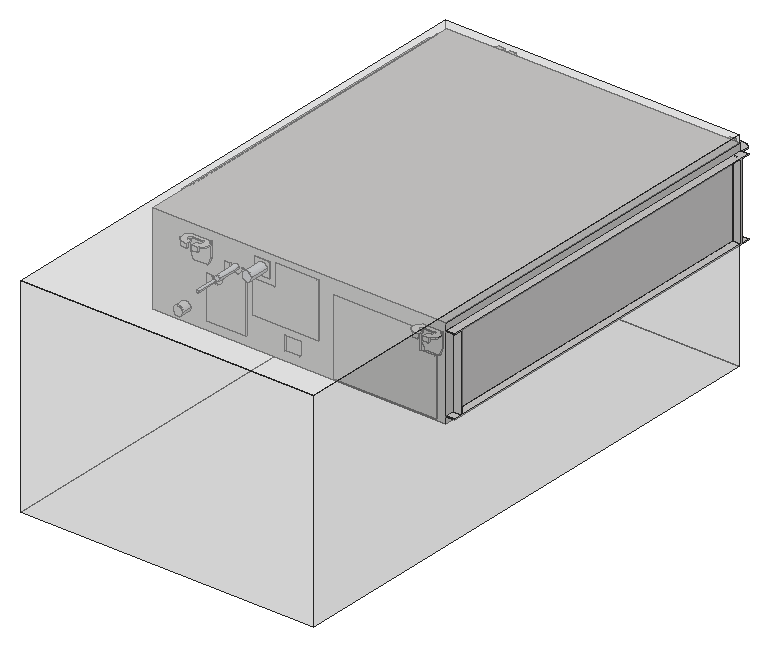
Revit family "DAIKIN_VRV_Indoor Unit_Duct_M.S.P._FXSQ-PAVS_FXSQ50PAVS", category Оборудование, Revit 2023
Family settings
  Размер круглого соединителя = Использовать радиус
  Классификация = Насос
  Тип детали = Нормальный
  Номер OmniClass = 23.75.10.24.21.27.27
  Заголовок OmniClass = Split System Air Conditioning Units
  На основе рабочей плоскости = Нет
  Всегда вертикально = Да
  При загрузке вырезать с полостями = Нет
  Сохранять ориентацию аннотаций = Нет
  Общий = Нет
  Точка принадлежности помещению = Да
Parameters (values of type "FXSQ50PAVS")
  Description = ""
  Type Image = (empty or 0)
  Изготовитель = "Daikin"
  Экспорт типа в IFC как = "IfcUnitaryEquipmentType"
  Тип Предварительно заданный тип IFC = "AIRCONDITIONINGUNIT"
  Cost = 0
  Группа модели = "FXSQ50PAVS"
  Type Comments = ""
  Keynote = ""
  Assembly Code = ""
  r_Liquid Pipe Size = Liquid Pipe Size / 2  # 3.2 mm
  r_Gas Pipe Size = Gas Pipe Size / 2  # 6.35 mm
  r_Drain Pipe Size = Drain Pipe Size / 2  # 12.5 mm
  lw_power = 770.0 mm  # constant formula
  lh_SA = 138.0 mm  # constant formula
  lw_SA = if(Depth = 550.0 mm, 225.0 mm, if(Depth = 700.0 mm, 300.0 mm, if(Depth = 1000.0 mm, 450.0 mm, if(Depth = 1400.0 mm, 650.0 mm, 725.0 mm))))  # 450.0 mm
  lw_RA = if(Depth = 550.0 mm, 275.0 mm, if(Depth = 700.0 mm, 349.0 mm, if(Depth = 1000.0 mm, 499.0 mm, if(Depth = 1400.0 mm, 699.0 mm, 775.0 mm))))  # 499.0 mm
  lh_power = 60.0 mm + [h***]  # 60.0 mm
  lh_mountinghole1 = lh_mountinghole + [h***]  # 222.0 mm
  lh_RA = 123.0 mm  # constant formula
  ld_power = Depth / 2  # 500.0 mm
  Voltage_comment_50Hz = "220-240"
  Voltage_50Hz = 220 V
  URL = ""
  Supply Air Direction [instance] = yes
  Sound Power Level_H speed (dB) = 62
  Phase_50Hz = 1
  Minimum External Static Pressure = 50.00 Pa
  Minimum Circuit Amps_50Hz = 1.3 A
  Maximum Fuse Amps_50Hz = 16.0 A
  Maximum External Static Pressure = 150.00 Pa
  Material_Casing = DAIKIN_GalvanizedSteel_Casing_indoorunit
  lw_mountinghole = 630.0 mm  # constant formula
  lh_gaspipe = 183.0 mm + [h***]  # 183.0 mm
  lh_mountinghole = 222.0 mm  # constant formula
  lh_liquidpipe = 136.0 mm + [h***]  # 136.0 mm
  lh_drainpipe = 207.0 mm + [h***]  # 207.0 mm
  lh_antena = Height - lh_mountinghole + 1.0 mm  # 24.0 mm
  ld_drainpipe = Depth / 2 + 53.0 mm  # 553.0 mm
  ld_liquidpipe = Depth / 2 + 69.0 mm  # 569.0 mm
  ld_gaspipe = Depth / 2 + 65.0 mm  # 565.0 mm
  ld_mountinghole = Depth + 38.0 mm  # 1038.0 mm
  h*** = 0.0 mm  # constant formula
  lw_liquidpipe = 179.0 mm  # constant formula
  lw_gaspipe = 229.0 mm  # constant formula
  lw_drainpipe = 300.0 mm  # constant formula
  Width = 800.0 mm
  Version = "ver.1.0"
  Unit Type = "Middle Static Pressure Duct Type"
  Unit Mass Weight = 35.00 kg
  Unit Designation [instance] = ""
  Uniclass2015Version = "Products v1.30"
  Uniclass2015Title = "Variable refrigerant flow units"
  Uniclass2015Code = "Pr_70_65_03_94"
  Total Heating Capacity [instance] = 0.000 kW
  Total Cooling Capacity [instance] = 0.000 kW
  Sound Pressure Level_M speed (dBA) = 0
  Sound Pressure Level_L speed (dBA) = 29
  Sound Pressure Level_H speed (dBA) = 34
  Series = "VRV Fan Coil Unit"
  Sensible Cooling Capacity [instance] = 0.000 kW
  SA Duct Size Width = if(Depth = 550.0 mm, 337.0 mm, if(Depth = 700.0 mm, 492.0 mm, if(Depth = 1000.0 mm, 792.0 mm, if(Depth = 1400.0 mm, 1192.0 mm, 1337.0 mm))))  # 792.0 mm
  SA Duct Size Height = 176.0 mm
  Refrigerant Type = "R410A"
  RA Duct Size Width = if(Depth = 550.0 mm, 502.0 mm, if(Depth = 700.0 mm, 654.0 mm, if(Depth = 1000.0 mm, 952.0 mm, if(Depth = 1400.0 mm, 1352.0 mm, 1502.0 mm))))  # 952.0 mm
  RA Duct Size Height = 208.0 mm
  Power Input (Heating) = 0.159 kW
  Power Input (Cooling) = 0.164 kW
  Option Accessory 3 [instance] = ""
  Option Accessory 2 [instance] = ""
  Option Accessory 1 [instance] = ""
  Nominal Heating Capacity = 6.300 kW
  Nominal Cooling Capacity = 5.600 kW
  Minimum Airflow = 690.00 m³/h
  Median Airflow = 870.00 m³/h
  Maximum Airflow = 1020.00 m³/h
  Load Classification = HVAC
  Liquid Pipe Size = 6.4 mm
  Link_Nested Family [instance] = ""
  IfcVersion = "0"
  IfcExportType = "AIRCONDITIONINGUNIT"
  IfcExportAs = "IfcUnitaryEquipmentType"
  Height = 245.0 mm
  Heating Entering Wet Bulb Temperature [instance] = 0.00 °C
  Heating Entering Dry Bulb Temperature [instance] = 0.00 °C
  Heating Ambient Wet Bulb Temperature [instance] = 0.00 °C
  Heating Ambient Dry Bulb Temperature [instance] = 0.00 °C
  Heat Exchanger Type = "Cross Fin Coil"
  Gas Pipe Size = 12.7 mm
  Frequency_50Hz = 50 Hz
  Fan Type = "Sirocco Fan"
  Fan Drive = "Direct Drive"
  FCU Tag No. [instance] = ""
  Drain Pipe Size = 25.0 mm
  Design Supply Airflow [instance] = 0.00 m³/h
  Design Return Airflow [instance] = 0.00 m³/h
  Design External Static Pressure [instance] = 0.00 Pa
  Depth = 1000.0 mm
  Отметка по умолчанию = 0.0 mm
  Cooling Entering Wet Bulb Temperature [instance] = 0.00 °C
  Cooling Entering Dry Bulb Temperature [instance] = 0.00 °C
  Cooling Ambient Wet Bulb Temperature [instance] = 0.00 °C
  Cooling Ambient Dry Bulb Temperature [instance] = 0.00 °C
  Clearance visibility [instance] = yes
  Clearance Top = 20.0 mm
  Clearance Right = 0.0 mm
  Clearance Rear = 0.0 mm
  Clearance Left = 0.0 mm
  Clearance Front = 450.0 mm
  Clearance Bottom = 300.0 mm
Reference planes
  plane 1 "Center (Front/Back)": y = 0
  plane 2 "h": z = 0
  plane 3 "Center (Left/Right)": x = 0
  plane 4 "Back": y = 500
  plane 5 "Front": y = -500
  plane 6 "Left": x = -400
  plane 7 "Reight": x = 400
  plane 8 "Top": z = 0
  plane 9 "Bottom": z = -245
  plane 10: y = -215
  plane 11: y = 500
  plane 12: y = -950
  plane 13: x = -400
  plane 14: x = 400
  plane 15: z = 20
  plane 16: z = -545
  plane 17: x = -400
  plane 18: x = -399
  plane 19: x = 399
  plane 20: y = 50
  plane 21: y = -1
  plane 22: z = -122
  plane 23: y = -501
  plane 24: z = -109
  plane 25: x = -221
  plane 26: y = -565
  plane 27: z = -62
  plane 28: x = -171
  plane 29: y = -553
  plane 30: z = -38
  plane 31: x = -100
  plane 32: x = -100
  plane 33: x = -221
  plane 34: x = -171
  plane 35: x = 370
  plane 36: x = -266
  plane 37: x = 364
  plane 38: y = -519
  plane 39: y = 519
  plane 40: z = -23
  plane 41: z = -107
  plane 42: y = -570
  plane 43: z = -207
  plane 44: x = -309
  plane 45: y = -526
  plane 46: x = -251
  plane 47: x = -203
  plane 48: x = -144
  plane 49: z = -59
  plane 50: z = -106
  plane 51: z = -221
  plane 52: z = -109
  plane 53: x = -221
  plane 54: z = -62
  plane 55: x = -171
  plane 56: z = -17
  plane 57: z = -59
  plane 58: x = -121
  plane 59: x = -79
  plane 60: x = -125
  plane 61: x = -64
  plane 62: x = 53
  plane 63: z = -164
  plane 64: z = -73
  plane 65: z = -16
  plane 66: x = 93.5
  plane 67: x = 374.5
  plane 68: x = 330
  plane 69: z = -88.5
  plane 70: z = -38
  plane 71: z = -242.5
  plane 72: x = -38.5
  plane 73: x = 6.5
  plane 74: z = -181
  plane 75: z = -221
  plane 76: y = -499
  plane 77: x = -424
  plane 78: x = 424
Forms (mm)
  Extrusion 1, solid, material "DAIKIN_GalvanizedSteel_Casing_indoorunit" <- "Material_Casing"
    sketch origin (0, 0, 0) x (1, 0, 0) y (0, 1, 0)
      loop
        line (-399, 500) -> (-399, -500) -> (399, -500) -> (399, 500) -> (-399, 500)
    from -245 to 0
  Extrusion 2, solid, material "DAIKIN_GalvanizedSteel_Casing_indoorunit" <- "Material_Casing"
    sketch origin (0, 0, 0) x (1, 0, 0) y (0, 0, 1)
      loop
        line (-251, -221) -> (-144, -221) -> (-144, -59) -> (-154.47, -59)
        arc (-154.47, -59) -> (-171, -78.8) -> (-187.53, -59) r 16.8
        line (-187.53, -59) -> (-203, -59) -> (-203, -106) -> (-206.916, -106)
        arc (-206.916, -106) -> (-221, -123.4) -> (-235.084, -106) r 14.4
        line (-235.084, -106) -> (-251, -106) -> (-251, -221)
    from 500 to 501
  Extrusion 3, solid, material "DAIKIN_GalvanizedSteel_Casing_indoorunit" <- "Material_Casing"
    sketch origin (0, 0, 0) x (1, 0, 0) y (0, 0, 1)
      loop
        line (-121, -17) -> (-121, -59) -> (-79, -59) -> (-79, -17) -> (-121, -17)
      loop
        line (-125, -73) -> (-125, -164) -> (53, -164) -> (53, -16) -> (-64, -16) -> (-64, -73) -> (-125, -73)
    from 500 to 501
  Extrusion 4, solid, material "DAIKIN_GalvanizedSteel_Casing_indoorunit" <- "Material_Casing"
    sketch origin (0, 0, 0) x (1, 0, 0) y (0, 0, 1)
      loop
        line (93.5, -38) -> (93.5, -242.5) -> (374.5, -242.5) -> (374.5, -88.5) -> (330, -88.5) -> (330, -38) -> (93.5, -38)
    from 500 to 501
  Extrusion 5, solid
    sketch origin (0, 0, 0) x (1, 0, 0) y (0, 0, 1)
      loop
        circle (-221, -109) r 3.2
    from 500 to 570
  Extrusion 6, solid
    sketch origin (0, 0, 0) x (1, 0, 0) y (0, 0, 1)
      loop
        circle (-171, -62) r 6.35
    from 500 to 565
  Extrusion 7, solid
    sketch origin (0, 0, 0) x (1, 0, 0) y (0, 0, 1)
      loop
        circle (-100, -38) r 12.5
    from 501 to 553
  Extrusion 8, solid, material "DAIKIN_GalvanizedSteel_Casing_indoorunit" <- "Material_Casing"
    sketch origin (0, 0, 0) x (1, 0, 0) y (0, 0, 1)
      loop
        circle (-309, -207) r 13
    from 500 to 526
  Extrusion 9, void
    sketch origin (0, 0, 0) x (1, 0, 0) y (0, 0, 1)
      loop
        line (-38.5, -181) -> (-38.5, -221) -> (6.5, -221) -> (6.5, -181) -> (-38.5, -181)
    from 499 to 500
Cuts and joins
  Extrusion 9 cuts Extrusion 1
Dimensions and locks
  "Height": plane 8 "Top" to plane 9 "Bottom"
  equal spacing: plane 4 "Back", plane 1 "Center (Front/Back)", plane 5 "Front"
  "Depth": plane 4 "Back" to plane 5 "Front"
  equal spacing: plane 6 "Left", plane 3 "Center (Left/Right)", plane 7 "Reight"
  "Width": plane 6 "Left" to plane 7 "Reight"
  "Clearance Left": plane 13 to plane 6 "Left"
  "Clearance Right": plane 7 "Reight" to plane 14
  "Clearance Rear": plane 11 to plane 4 "Back"
  "Clearance Front": plane 5 "Front" to plane 12
  "Clearance Top": plane 15 to plane 8 "Top"
  "Clearance Bottom": plane 9 "Bottom" to plane 16
  locked: plane 17 to plane 18 at 1
  locked: plane 19 to plane 14 at 1
  "lw_SA": plane 11 to plane 20
  "lw_RA": plane 21 to plane 5 "Front"
  "lh_RA": plane 22 to plane 9 "Bottom"
  locked: plane 5 "Front" to plane 23 at 1
  "lw_liquidpipe": plane 25 to plane 6 "Left"
  "lh_liquidpipe": plane 24 to plane 9 "Bottom"
  "lh_gaspipe": plane 27 to plane 9 "Bottom"
  "lw_gaspipe": plane 28 to plane 6 "Left"
  "ld_gaspipe": plane 26 to plane 1 "Center (Front/Back)"
  "ld_drainpipe": plane 29 to plane 1 "Center (Front/Back)"
  "lh_drainpipe": plane 30 to plane 9 "Bottom"
  "lw_drainpipe": plane 31 to plane 6 "Left"
  "lw_drainpipe": plane 6 "Left" to plane 32
  "lw_liquidpipe": plane 6 "Left" to plane 33
  "lw_gaspipe": plane 6 "Left" to plane 34
  "lw_power": plane 6 "Left" to plane 35
  locked: plane 17 to plane 36 at 134
  "lw_mountinghole": plane 36 to plane 37
  equal spacing: plane 38, plane 1 "Center (Front/Back)", plane 39
  "ld_mountinghole": plane 39 to plane 38
  "lh_mountinghole": plane 40 to plane 9 "Bottom"
  "lh_SA": plane 41 to plane 9 "Bottom"
  "ld_liquidpipe": plane 21 to plane 42
  locked: plane 44 to plane 6 "Left" at 91
  locked: plane 43 to plane 9 "Bottom" at 38
  locked: plane 5 "Front" to plane 45 at 26
  plane 48 to plane 47 to plane 46 to plane 6 "Left" = 59.0 mm, 48.0 mm, 149.0 mm
  plane 8 "Top" to plane 49 to plane 50 to plane 51 = 59.0 mm locked, 47.0 mm locked, 115.0 mm locked
  plane 55 to plane 53 to plane 6 "Left" = 50.0 mm locked, 179.0 mm locked
  plane 54 to plane 52 to plane 9 "Bottom" = 47.0 mm locked, 136.0 mm locked
  plane 59 to plane 58 to plane 6 "Left" = 42.0 mm locked, 279.0 mm locked
  plane 8 "Top" to plane 56 to plane 57 = 17.0 mm locked, 42.0 mm locked
  plane 62 to plane 61 to plane 60 to plane 6 "Left" = 117.0 mm, 61.0 mm, 275.0 mm
  plane 8 "Top" to plane 65 to plane 64 = 16.0 mm locked, 57.0 mm locked
  locked: plane 65 to plane 63 at 148
  plane 8 "Top" to plane 70 to plane 69 to plane 71 = 38.0 mm locked, 50.5 mm locked, 154.0 mm locked
  plane 67 to plane 68 to plane 66 to plane 6 "Left" = 44.5 mm locked, 236.5 mm locked, 493.5 mm locked
  plane 8 "Top" to plane 74 to plane 75 = 181.0 mm locked, 40.0 mm locked
  plane 73 to plane 72 to plane 6 "Left" = 45.0 mm, 361.5 mm
  locked: plane 76 to plane 5 "Front" at 1
  locked: plane 77 to plane 17 at 24
  locked: plane 14 to plane 78 at 24
  "r_Liquid Pipe Size": radius of Extrusion 5 sketch curve
  "r_Gas Pipe Size": radius of Extrusion 6 sketch curve
  "r_Drain Pipe Size": radius of Extrusion 7 sketch curve
  aligned and locked: level to plane 2 "h"
  aligned and locked: plane 8 "Top" to Extrusion 1
  aligned and locked: Extrusion 1 to plane 9 "Bottom"
  aligned and locked: nested 5 to plane 12
  aligned and locked: plane 13 to nested 5
  aligned and locked: plane 14 to nested 5
  aligned and locked: nested 5 to plane 13
  aligned and locked: plane 11 to nested 5
  aligned and locked: plane 15 to nested 5
  aligned and locked: plane 16 to nested 5
  aligned and locked: plane 5 "Front" to Extrusion 1 sketch curve
  aligned and locked: Extrusion 1 to plane 18
  aligned and locked: plane 19 to Extrusion 1
  aligned and locked: nested 7 to plane 18
  aligned and locked: nested 7 to plane 20
  aligned and locked: plane 19 to nested 8
  aligned and locked: plane 21 to nested 8
  aligned and locked: plane 22 to nested 8
  aligned and locked: Extrusion 2 to plane 23
  aligned and locked: plane 5 "Front" to Extrusion 2
  aligned and locked: Extrusion 3 to plane 23
  aligned and locked: plane 5 "Front" to Extrusion 3
  aligned and locked: plane 5 "Front" to Extrusion 4
  aligned and locked: Extrusion 5 sketch curve to plane 25
  aligned and locked: plane 24 to Extrusion 5 sketch curve
  aligned and locked: plane 5 "Front" to Extrusion 5
  aligned and locked: Extrusion 6 sketch curve to plane 28
  aligned and locked: plane 27 to Extrusion 6 sketch curve
  aligned and locked: plane 5 "Front" to Extrusion 6
  aligned and locked: Extrusion 7 sketch curve to plane 31
  aligned and locked: Extrusion 7 sketch curve to plane 30
  aligned and locked: Extrusion 7 to plane 29
  aligned and locked: plane 23 to Extrusion 7
  aligned and locked: nested 3 to plane 29
  aligned and locked: plane 32 to nested 3
  aligned and locked: nested 2 to plane 33
  aligned and locked: nested 1 to plane 34
  aligned and locked: Extrusion 6 to plane 26
  aligned and locked: nested 1 to plane 26
  aligned and locked: nested 6 to plane 5 "Front"
  aligned and locked: nested 6 to plane 35
  aligned and locked: plane 36 to nested 10
  aligned and locked: nested 10 to plane 5 "Front"
  aligned and locked: plane 37 to nested 9
  aligned and locked: nested 9 to plane 5 "Front"
  aligned and locked: nested 11 to plane 36
  aligned and locked: plane 4 "Back" to nested 11
  aligned and locked: nested 12 to plane 37
  aligned and locked: plane 4 "Back" to nested 12
  aligned and locked: plane 40 to nested 10
  aligned and locked: plane 40 to nested 11
  aligned and locked: plane 40 to nested 9
  aligned and locked: plane 40 to nested 12
  aligned and locked: plane 36 to nested 14
  aligned and locked: nested 14 to plane 39
  aligned and locked: plane 37 to nested 13
  aligned and locked: nested 13 to plane 39
  aligned and locked: plane 37 to nested 16
  aligned and locked: plane 38 to nested 16
  aligned and locked: plane 38 to nested 15
  aligned and locked: plane 36 to nested 15
  aligned and locked: plane 17 to plane 6 "Left"
  aligned and locked: plane 41 to nested 7
  aligned and locked: Extrusion 5 to plane 42
  aligned and locked: nested 2 to plane 42
  aligned and locked: Extrusion 8 sketch curve to plane 44
  aligned and locked: plane 43 to Extrusion 8 sketch curve
  aligned and locked: plane 5 "Front" to Extrusion 8
  aligned and locked: plane 45 to Extrusion 8
  aligned and locked: Extrusion 3 sketch curve to plane 56
  aligned and locked: Extrusion 3 sketch curve to plane 58
  aligned and locked: plane 57 to Extrusion 3 sketch curve
  aligned and locked: plane 59 to Extrusion 3 sketch curve
  aligned and locked: Extrusion 4 to plane 23
  aligned and locked: Extrusion 9 sketch curve to plane 74
  aligned and locked: plane 75 to Extrusion 9 sketch curve
  aligned and locked: plane 73 to Extrusion 9 sketch curve
  aligned and locked: plane 5 "Front" to Extrusion 9
  aligned and locked: plane 76 to Extrusion 9
  aligned and locked: nested 17 to plane 20
  aligned and locked: nested 17 to plane 77
  aligned and locked: plane 21 to nested 18
  aligned and locked: plane 78 to nested 18
  aligned and locked: plane 41 to nested 17
  aligned and locked: nested 18 to plane 22
  aligned and locked: nested 4 to plane 3 "Center (Left/Right)"
  aligned and locked: plane 1 "Center (Front/Back)" to nested 4
  aligned and locked: level to plane 8 "Top"
Automatic sketch dimensions
  plane 6 "Left" to Extrusion 1 sketch curve = 1.0 mm
  Extrusion 1 sketch curve to plane 7 "Reight" = 1.0 mm
  Extrusion 1 sketch curve to plane 4 "Back" = 0.0 mm
  Extrusion 2 sketch curve to plane 46 = 0.0 mm
  Extrusion 2 sketch curve to plane 33 = 0.0 mm
  Extrusion 2 sketch curve to plane 47 = 0.0 mm
  Extrusion 2 sketch curve to plane 34 = 0.0 mm
  Extrusion 2 sketch curve to plane 48 = 0.0 mm
  Extrusion 2 sketch curve to plane 51 = 0.0 mm
  Extrusion 2 sketch curve to plane 52 = 0.0 mm
  Extrusion 2 sketch curve to plane 50 = 0.0 mm  (x3)
  Extrusion 2 sketch curve to plane 54 = 0.0 mm
  Extrusion 2 sketch curve to plane 49 = 0.0 mm  (x3)
  plane 33 to Extrusion 2 sketch curve = 14.084 mm
  plane 34 to Extrusion 2 sketch curve = 16.53 mm
  Extrusion 3 sketch curve to plane 60 = 0.0 mm
  Extrusion 3 sketch curve to plane 61 = 0.0 mm
  Extrusion 3 sketch curve to plane 62 = 0.0 mm
  Extrusion 3 sketch curve to plane 63 = 0.0 mm
  Extrusion 3 sketch curve to plane 64 = 0.0 mm
  Extrusion 3 sketch curve to plane 65 = 0.0 mm
  Extrusion 4 sketch curve to plane 66 = 0.0 mm
  Extrusion 4 sketch curve to plane 68 = 0.0 mm
  Extrusion 4 sketch curve to plane 67 = 0.0 mm
  Extrusion 4 sketch curve to plane 71 = 0.0 mm
  Extrusion 4 sketch curve to plane 69 = 0.0 mm
  Extrusion 4 sketch curve to plane 70 = 0.0 mm
  Extrusion 9 sketch curve to plane 72 = 0.0 mm
  radius of Extrusion 8 sketch curve = 13.0 mm
Nested families
  nested 1: "daikin_connector_rotate2" at (-171, 0, -62), length <- "ld_gaspipe", built-in parameter 1001364 <- "lh_gaspipe", radius <- "r_Gas Pipe Size", type "daikin_connector_rotate2"
    with radius 6.35 mm, length 565.0 mm, angle_vertical 90.00°
  nested 2: "daikin_connector_rotate2" at (-221, -1, -109), length <- "ld_liquidpipe", built-in parameter 1001364 <- "lh_liquidpipe", radius <- "r_Liquid Pipe Size", type "daikin_connector_rotate2"
    with radius 3.2 mm, length 569.0 mm, angle_vertical 90.00°
  nested 3: "daikin_connector_rotate2" at (-100, 0, -38), length <- "ld_drainpipe", built-in parameter 1001364 <- "lh_drainpipe", radius <- "r_Drain Pipe Size", type "daikin_connector_rotate2"
    with radius 12.5 mm, length 553.0 mm, angle_vertical 90.00°
  nested 4: "daikin_△_symbolicline" at (0, 0, 245) x (0, -1, 0) z (0, 0, 1), built-in parameter 1001364 <- "Height", visible <- "Supply Air Direction", type "daikin_△_symbolicline"
    with length 200.0 mm
  nested 5: "daikin_clearancespace" at (0, -225, -262.381), visible <- "Clearance visibility", show <- "Clearance visibility", Link_Nested Family <- "Link_Nested Family", type "daikin_clearancespace"
    with width 800.0 mm, show yes, height 565.0 mm, depth 1450.0 mm, Link_Nested Family ""
  nested 6: "daikin_connector_rotate2" at (370, 0, -185), built-in parameter 1001364 <- "lh_power", length <- "ld_power", type "daikin_connector_rotate2"
    with radius 10.0 mm, length 500.0 mm, angle_vertical 90.00°
  nested 7: "daikin_ductflange_FXSQ-PAVS2" at (-399, 50, -107) x (0, -1, 0) z (0, 0, 1), type "daikin_ductflange_FXSQ-PAVS2"
    with width 792.0 mm, w 1000.0 mm
  nested 8: "daikin_ductflange_FXSQ-PAVS" at (399, -1, -122) x (0, 1, 0) z (0, 0, 1), type "daikin_ductflange_FXSQ-PAVS"
    with width 952.0 mm, w 1000.0 mm
  nested 9: "daikin_hangerfixture_FXSQ-PAVS" at (364, -500, -23), type "daikin_hangerfixture_FXSQ-PAVS"
  nested 10: "daikin_hangerfixture_FXSQ-PAVS" at (-266, -500, -23), type "daikin_hangerfixture_FXSQ-PAVS"
  nested 11: "daikin_hangerfixture_FXSQ-PAVS" at (-266, 500, -23) x (-1, 0, 0) z (0, 0, 1), type "daikin_hangerfixture_FXSQ-PAVS"
  nested 12: "daikin_hangerfixture_FXSQ-PAVS" at (364, 500, -23) x (-1, 0, 0) z (0, 0, 1), type "daikin_hangerfixture_FXSQ-PAVS"
  nested 13: "daikin_mountinghole" at (364, 519, -245), h_mountinghole <- "lh_mountinghole1", l_antenna <- "lh_antena", Link_Nested Family <- "Link_Nested Family", type "daikin_mountinghole"
    with show yes, l_antenna 24.0 mm, h_mountinghole 222.0 mm, Link_Nested Family ""
  nested 14: "daikin_mountinghole" at (-266, 519, -245), h_mountinghole <- "lh_mountinghole1", l_antenna <- "lh_antena", Link_Nested Family <- "Link_Nested Family", type "daikin_mountinghole"
    with show yes, l_antenna 24.0 mm, h_mountinghole 222.0 mm, Link_Nested Family ""
  nested 15: "daikin_mountinghole" at (-266, -519, -245), h_mountinghole <- "lh_mountinghole1", l_antenna <- "lh_antena", Link_Nested Family <- "Link_Nested Family", type "daikin_mountinghole"
    with show yes, l_antenna 24.0 mm, h_mountinghole 222.0 mm, Link_Nested Family ""
  nested 16: "daikin_mountinghole" at (364, -519, -245), h_mountinghole <- "lh_mountinghole1", l_antenna <- "lh_antena", Link_Nested Family <- "Link_Nested Family", type "daikin_mountinghole"
    with show yes, l_antenna 24.0 mm, h_mountinghole 222.0 mm, Link_Nested Family ""
  nested 17: "daikin_connector_rotate2" at (-400, 50, -107) x (0, -1, 0) z (0, 0, 1), type "daikin_connector_rotate2"
    with radius 10.0 mm, length 24.0 mm, angle_vertical 90.00°
  nested 18: "daikin_connector_rotate2" at (400, -1, -122) x (0, 1, 0) z (0, 0, 1), type "daikin_connector_rotate2"
    with radius 10.0 mm, length 24.0 mm, angle_vertical 90.00°
Connectors
  piping at (-100, -553, -38), diameter 25, driven by "r_Drain Pipe Size"
    settings: on nested 3, index 3, connector inside diameter 609.6 mm, connector length 0.0 mm, flow factor 0, pipe flow 0.00 m³/h, pressure drop 0.0 Pa, fitting loss kfactor 0, connector angle 0.00°, fixture units 0, engagement length 0.0 mm, angle of deflection 0.00°, flow configuration 1, flow direction 2, fitting loss method 4, system type 16, joint type 0, gender type 0, connector reference index -1, connector utility 0, adjustable connector no, is connector primary yes, connector description "Condensate Drain Piping"
  piping at (-171, -565, -62), diameter 12.7, driven by "r_Gas Pipe Size"
    settings: on nested 1, index 4, connector inside diameter 609.6 mm, connector length 0.0 mm, flow factor 0, pipe flow 0.00 m³/h, pressure drop 0.0 Pa, fitting loss kfactor 0, connector angle 0.00°, fixture units 0, engagement length 0.0 mm, angle of deflection 0.00°, flow configuration 1, flow direction 2, fitting loss method 0, system type 29, joint type 0, gender type 0, connector reference index -1, connector utility 0, adjustable connector no, is connector primary no, connector description "Refrigerant Gas Piping"
  piping at (-221, -570, -109), diameter 6.4, driven by "r_Liquid Pipe Size"
    settings: on nested 2, index 5, connector inside diameter 609.6 mm, connector length 0.0 mm, flow factor 0, pipe flow 0.00 m³/h, pressure drop 0.0 Pa, fitting loss kfactor 0, connector angle 0.00°, fixture units 0, engagement length 0.0 mm, angle of deflection 0.00°, flow configuration 1, flow direction 1, fitting loss method 0, system type 29, joint type 0, gender type 0, connector reference index -1, connector utility 0, adjustable connector no, is connector primary no, connector description "Refrigerant Liquid Piping"
  electrical at (370, -500, -185), driven by "Load Classification"
    settings: on nested 6, index 6, voltage 0 V, apparent load 0 VA, apparent load phase1 0 VA, apparent load phase2 0 VA, apparent load phase3 0 VA, power factor 1, load classification "HVAC", number of poles 1, system type 30, power factor state 1, is connector primary yes, connector utility no, sub classification motor no, connector description "Power Supply"
  hvac at (-424, 50, -107), driven by "SA Duct Size Height", driven by "SA Duct Size Width"
    settings: on nested 17, index 7, duct flow 0.00 m³/h, flow factor 0, pres drop 0.00 Pa, loss coef 0, conn angle 0.00°, conn width 792.0 mm, conn height 176.0 mm, conn diameter 609.6 mm, duct sys type 1, conn prof type 1, flow config 0, flow direction 2, loss method 4, conn ref index -1, conn util no, is conn primary yes, conn desc "SA Duct"
  hvac at (424, -1, -122), driven by "RA Duct Size Height", driven by "RA Duct Size Width"
    settings: on nested 18, index 8, duct flow 0.00 m³/h, flow factor 0, pres drop 0.00 Pa, loss coef 0, conn angle 0.00°, conn width 952.0 mm, conn height 208.0 mm, conn diameter 609.6 mm, duct sys type 2, conn prof type 1, flow config 0, flow direction 1, loss method 4, conn ref index -1, conn util no, is conn primary no, conn desc "RA Duct"
Definition of nested family "daikin_clearancespace"
  Parameters (values of type "daikin_clearancespace")
    width [instance] = 1823.963 mm
    show [instance] = yes
    material = none
    height [instance] = 1359.762 mm
    depth [instance] = 880.0 mm
    Default Elevation = 0.0 mm
    Link_Nested Family [instance] = ""
  Reference planes
    plane 1 "Center (Front/Back)": y = 0
    plane 2 "Center (Elevation)": z = -0.119
    plane 3 "Center (Left/Right)": x = 0
    plane 4: y = 440
    plane 5: y = -440
    plane 6 "Right": x = 911.982
    plane 7 "Left": x = -911.982
    plane 8 "Top": z = 679.762
    plane 9 "Bottom": z = -680
  Forms (mm)
    Extrusion 1, solid, material <- "material", visible <- "show"
      sketch origin (0, 0, 0) x (1, 0, 0) y (0, 1, 0)
        loop
          line (-911.982, 440) -> (-911.982, -440) -> (911.982, -440) -> (911.982, 440) -> (-911.982, 440)
      from -680 to 679.762
  Lines and regions (mm)
    symbolic lines, visible <- "show"
      curve 1: line (911.982, 440, 0) -> (-911.982, 440, 0)
      curve 2: line (-911.982, 440, 0) -> (-911.982, -440, 0)
      curve 3: line (-911.982, -440, 0) -> (911.982, -440, 0)
      curve 4: line (911.982, -440, 0) -> (911.982, 440, 0)
      curve 5: line (911.982, 0, 679.762) -> (-911.982, 0, 679.762)
      curve 6: line (911.982, 0, -680) -> (911.982, 0, 679.762)
      curve 7: line (-911.982, 0, -680) -> (911.982, 0, -680)
      curve 8: line (-911.982, 0, 679.762) -> (-911.982, 0, -680)
      curve 9: line (0, 440, 679.762) -> (0, -440, 679.762)
      curve 10: line (0, -440, 679.762) -> (0, -440, -680)
      curve 11: line (0, 440, -680) -> (0, 440, 679.762)
      curve 12: line (0, -440, -680) -> (0, 440, -680)
  Dimensions and locks
    "width": plane 7 "Left" to plane 6 "Right"
    "depth": plane 4 to plane 5
    "height": plane 8 "Top" to plane 9 "Bottom"
    equal spacing: plane 7 "Left", plane 3 "Center (Left/Right)", plane 6 "Right"
    equal spacing: plane 4, plane 1 "Center (Front/Back)", plane 5
    equal spacing: plane 8 "Top", plane 2 "Center (Elevation)", plane 9 "Bottom"
    aligned and locked: level to plane 2 "Center (Elevation)"
    aligned and locked: Extrusion 1 sketch curve to plane 4
    aligned and locked: plane 7 "Left" to Extrusion 1 sketch curve
    aligned and locked: Extrusion 1 sketch curve to plane 5
    aligned and locked: Extrusion 1 sketch curve to plane 6 "Right"
    aligned and locked: plane 8 "Top" to Extrusion 1
    aligned and locked: curve 1 to Extrusion 1
    aligned and locked: curve 2 to Extrusion 1
    aligned and locked: curve 3 to Extrusion 1
    aligned and locked: curve 4 to Extrusion 1
    aligned and locked: curve 5 to Extrusion 1
    aligned and locked: curve 6 to Extrusion 1
    aligned and locked: curve 7 to Extrusion 1
    aligned and locked: curve 8 to Extrusion 1
    aligned and locked: curve 9 to Extrusion 1
    aligned and locked: curve 10 to Extrusion 1
    aligned and locked: curve 11 to Extrusion 1
    aligned and locked: curve 12 to Extrusion 1
    aligned and locked: Extrusion 1 to plane 9 "Bottom"
Definition of nested family "daikin_ductflange_FXSQ-PAVS2"
  Parameters (values of type "daikin_ductflange_FXMQ-PAVE2")
    width = if(w = 550.0 mm, 337.0 mm, if(w = 700.0 mm, 492.0 mm, if(w = 1000.0 mm, 792.0 mm, if(w = 1400.0 mm, 1192.0 mm, 1337.0 mm))))  # 337.0 mm
    material = none
    height = 215.0 mm
    depth = 1.0 mm
    w = 550.0 mm
    Default Elevation = 0.0 mm
  Reference planes
    plane 1 "Center (Front/Back)": y = 0
    plane 2: z = 0
    plane 3 "Center (Left/Right)": x = 0
    plane 4: z = 88
    plane 5: z = -88
    plane 6: y = -25
    plane 7: z = 106
    plane 8: z = 89
    plane 9: y = -1
    plane 10: x = -192.5
    plane 11: x = 192.5
    plane 12: z = -106
    plane 13: z = -89
    plane 14: y = -1
    plane 15: x = 168.5
    plane 16: x = -168.5
    plane 17: x = 169.5
    plane 18: z = 87
    plane 19: z = -87
    plane 20: x = -169.5
    plane 21: z = 87
    plane 22: z = -87
    plane 23: y = -1
  Forms (mm)
    Extrusion 1, solid, material <- "material"
      sketch origin (0, 0, 0) x (0, 1, 0) y (0, 0, 1)
        loop
          line (-25, 88) -> (0, 88) -> (0, 106) -> (-1, 106) -> (-1, 89) -> (-25, 89) -> (-25, 88)
      from -192.5 to 192.5
    Extrusion 2, solid, material <- "material"
      sketch origin (0, 0, 0) x (0, 1, 0) y (0, 0, 1)
        loop
          line (-25, -88) -> (-25, -89) -> (-1, -89) -> (-1, -106) -> (0, -106) -> (0, -88) -> (-25, -88)
      from -192.5 to 192.5
    Extrusion 3, solid, material <- "material"
      sketch origin (0, 0, 0) x (1, 0, 0) y (0, 0, 1)
        loop
          line (168.5, 88) -> (168.5, -88) -> (192.5, -88) -> (192.5, -87) -> (169.5, -87) -> (169.5, 87) -> (192.5, 87) -> (192.5, 88) -> (168.5, 88)
      from 0 to 25
    Extrusion 4, solid, material <- "material"
      sketch origin (0, 0, 0) x (1, 0, 0) y (0, 0, 1)
        loop
          line (-192.5, 88) -> (-192.5, 87) -> (-169.5, 87) -> (-169.5, -87) -> (-192.5, -87) -> (-192.5, -88) -> (-168.5, -88) -> (-168.5, 88) -> (-192.5, 88)
      from 0 to 25
    Extrusion 5, solid, material <- "material"
      sketch origin (0, 0, 0) x (1, 0, 0) y (0, 0, 1)
        loop
          line (-192.5, 88) -> (-192.5, -88) -> (-168.5, -88) -> (-168.5, 88) -> (-192.5, 88)
        loop
          line (192.5, 88) -> (168.5, 88) -> (168.5, -88) -> (192.5, -88) -> (192.5, 88)
      from 0 to 1
  Cuts and joins
    joined: Extrusion 1, Extrusion 2, Extrusion 3, Extrusion 4, Extrusion 5
  Dimensions and locks
    plane 4 to level to plane 5 = 88.0 mm, 88.0 mm
    locked: plane 6 to plane 1 "Center (Front/Back)" at 25
    locked: plane 9 to plane 1 "Center (Front/Back)" at 1
    locked: plane 8 to plane 4 at 1
    locked: plane 16 to plane 10 at 24
    locked: plane 17 to plane 15 at 1
    locked: plane 4 to plane 18 at 1
    locked: plane 19 to plane 5 at 1
    "width": plane 15 to plane 16
    plane 4 to plane 5 = 176.0 mm
    locked: plane 16 to plane 20 at 1
    locked: plane 4 to plane 21 at 1
    locked: plane 22 to plane 5 at 1
    locked: plane 23 to plane 1 "Center (Front/Back)" at 1
    plane 4 to level to plane 5 = 88.0 mm locked, 88.0 mm locked
    locked: plane 5 to plane 13 at 1
    locked: plane 5 to plane 12 at 18
    locked: plane 7 to plane 4 at 18
    equal spacing: plane 15, plane 3 "Center (Left/Right)", plane 16
    locked: plane 11 to plane 15 at 24
    plane 11 to plane 10 = 385.0 mm
    aligned and locked: level to plane 2
    aligned and locked: Extrusion 1 to plane 10
    aligned and locked: plane 11 to Extrusion 1
    aligned and locked: plane 5 to Extrusion 2
    aligned and locked: Extrusion 2 to plane 1 "Center (Front/Back)"
    aligned and locked: plane 15 to Extrusion 3 sketch curve
    aligned and locked: Extrusion 3 sketch curve to Extrusion 2  (x2)
    aligned and locked: Extrusion 3 sketch curve to plane 11
    aligned and locked: plane 6 to Extrusion 3
    aligned and locked: Extrusion 2 to plane 10
    aligned and locked: plane 11 to Extrusion 2
    aligned and locked: Extrusion 4 sketch curve to Extrusion 1  (x2)
    aligned and locked: plane 5 to Extrusion 4 sketch curve
    aligned and locked: Extrusion 4 sketch curve to plane 16
    aligned and locked: Extrusion 4 sketch curve to plane 22
    aligned and locked: plane 20 to Extrusion 4 sketch curve
    aligned and locked: plane 21 to Extrusion 4 sketch curve
    aligned and locked: Extrusion 4 to plane 1 "Center (Front/Back)"
    aligned and locked: plane 6 to Extrusion 4
    aligned and locked: Extrusion 5 sketch curve to Extrusion 1  (x4)
    aligned and locked: Extrusion 5 sketch curve to Extrusion 4  (x2)
    aligned and locked: Extrusion 5 sketch curve to Extrusion 3  (x2)
    aligned and locked: Extrusion 5 to plane 1 "Center (Front/Back)"
    aligned and locked: plane 23 to Extrusion 5
  Automatic sketch dimensions
    Extrusion 1 sketch curve to plane 6 = 0.0 mm
    Extrusion 1 sketch curve to plane 7 = 0.0 mm
    Extrusion 1 sketch curve to plane 9 = 0.0 mm
    Extrusion 1 sketch curve to plane 1 "Center (Front/Back)" = 0.0 mm
    Extrusion 1 sketch curve to plane 4 = 0.0 mm
    Extrusion 1 sketch curve to plane 8 = 0.0 mm
    Extrusion 2 sketch curve to plane 6 = 0.0 mm
    plane 12 to Extrusion 2 sketch curve = 0.0 mm
    Extrusion 2 sketch curve to plane 14 = 0.0 mm
    Extrusion 2 sketch curve to plane 1 "Center (Front/Back)" = 0.0 mm
    plane 13 to Extrusion 2 sketch curve = 0.0 mm
    Extrusion 2 sketch curve to plane 5 = 0.0 mm
    Extrusion 3 sketch curve to plane 17 = 0.0 mm
    Extrusion 3 sketch curve to plane 19 = 0.0 mm
    Extrusion 3 sketch curve to plane 18 = 0.0 mm
    Extrusion 3 sketch curve to plane 4 = 0.0 mm
    Extrusion 4 sketch curve to plane 10 = 0.0 mm
Definition of nested family "daikin_ductflange_FXSQ-PAVS"
  Parameters (values of type "daikin_ductflange_FXMQ-PAVE")
    width = if(w = 550.0 mm, 502.0 mm, if(w = 700.0 mm, 654.0 mm, if(w = 1000.0 mm, 952.0 mm, if(w = 1400.0 mm, 1352.0 mm, 1502.0 mm))))  # 502.0 mm
    material = none
    height = 208.0 mm
    depth = 1.0 mm
    w = 550.0 mm
    Default Elevation = 0.0 mm
  Reference planes
    plane 1 "Center (Front/Back)": y = 0
    plane 2: z = 0
    plane 3 "Center (Left/Right)": x = 0
    plane 4: z = 104
    plane 5: z = -104
    plane 6: y = -25
    plane 7: z = 121
    plane 8: z = 105
    plane 9: y = -1
    plane 10: x = -275
    plane 11: x = 275
    plane 12: z = -122
    plane 13: z = -105
    plane 14: y = -1
    plane 15: x = 251
    plane 16: x = -251
    plane 17: x = 252
    plane 18: z = 103
    plane 19: z = -103
    plane 20: x = -252
    plane 21: z = 103
    plane 22: z = -103
    plane 23: y = -1
  Forms (mm)
    Extrusion 1, solid, material <- "material"
      sketch origin (0, 0, 0) x (0, 1, 0) y (0, 0, 1)
        loop
          line (-25, 104) -> (0, 104) -> (0, 121) -> (-1, 121) -> (-1, 105) -> (-25, 105) -> (-25, 104)
      from -275 to 275
    Extrusion 2, solid, material <- "material"
      sketch origin (0, 0, 0) x (0, 1, 0) y (0, 0, 1)
        loop
          line (-25, -104) -> (-25, -105) -> (-1, -105) -> (-1, -122) -> (0, -122) -> (0, -104) -> (-25, -104)
      from -275 to 275
    Extrusion 3, solid, material <- "material"
      sketch origin (0, 0, 0) x (1, 0, 0) y (0, 0, 1)
        loop
          line (251, 104) -> (251, -104) -> (275, -104) -> (275, -103) -> (252, -103) -> (252, 103) -> (275, 103) -> (275, 104) -> (251, 104)
      from 0 to 25
    Extrusion 4, solid, material <- "material"
      sketch origin (0, 0, 0) x (1, 0, 0) y (0, 0, 1)
        loop
          line (-275, 104) -> (-275, 103) -> (-252, 103) -> (-252, -103) -> (-275, -103) -> (-275, -104) -> (-251, -104) -> (-251, 104) -> (-275, 104)
      from 0 to 25
    Extrusion 5, solid, material <- "material"
      sketch origin (0, 0, 0) x (1, 0, 0) y (0, 0, 1)
        loop
          line (-275, 104) -> (-275, -104) -> (-251, -104) -> (-251, 104) -> (-275, 104)
        loop
          line (275, 104) -> (251, 104) -> (251, -104) -> (275, -104) -> (275, 104)
      from 0 to 1
  Cuts and joins
    joined: Extrusion 1, Extrusion 2, Extrusion 3, Extrusion 4, Extrusion 5
  Dimensions and locks
    plane 4 to level to plane 5 = 104.0 mm, 104.0 mm
    locked: plane 6 to plane 1 "Center (Front/Back)" at 25
    locked: plane 9 to plane 1 "Center (Front/Back)" at 1
    locked: plane 8 to plane 4 at 1
    locked: plane 11 to plane 15 at 24
    locked: plane 16 to plane 10 at 24
    locked: plane 17 to plane 15 at 1
    locked: plane 4 to plane 18 at 1
    locked: plane 19 to plane 5 at 1
    "width": plane 15 to plane 16
    equal spacing: plane 15, plane 3 "Center (Left/Right)", plane 16
    locked: plane 16 to plane 20 at 1
    locked: plane 4 to plane 21 at 1
    locked: plane 22 to plane 5 at 1
    locked: plane 23 to plane 1 "Center (Front/Back)" at 1
    locked: plane 7 to plane 4 at 17
    locked: plane 1 "Center (Front/Back)" to plane 14 at 1
    locked: plane 5 to plane 13 at 1
    "height": plane 4 to plane 5
    plane 11 to plane 10 = 550.0 mm
    locked: plane 12 to plane 13 at 17
    equal spacing: plane 4, level, plane 5
    aligned and locked: level to plane 2
    aligned and locked: Extrusion 1 to plane 10
    aligned and locked: plane 11 to Extrusion 1
    aligned and locked: plane 5 to Extrusion 2
    aligned and locked: Extrusion 2 to plane 1 "Center (Front/Back)"
    aligned and locked: plane 15 to Extrusion 3 sketch curve
    aligned and locked: Extrusion 3 sketch curve to Extrusion 2  (x2)
    aligned and locked: Extrusion 3 sketch curve to plane 11
    aligned and locked: plane 6 to Extrusion 3
    aligned and locked: Extrusion 2 to plane 10
    aligned and locked: plane 11 to Extrusion 2
    aligned and locked: Extrusion 4 sketch curve to Extrusion 1  (x2)
    aligned and locked: plane 5 to Extrusion 4 sketch curve
    aligned and locked: Extrusion 4 sketch curve to plane 16
    aligned and locked: Extrusion 4 sketch curve to plane 22
    aligned and locked: plane 20 to Extrusion 4 sketch curve
    aligned and locked: plane 21 to Extrusion 4 sketch curve
    aligned and locked: Extrusion 4 to plane 1 "Center (Front/Back)"
    aligned and locked: plane 6 to Extrusion 4
    aligned and locked: Extrusion 5 sketch curve to Extrusion 1  (x4)
    aligned and locked: Extrusion 5 sketch curve to Extrusion 4  (x2)
    aligned and locked: Extrusion 5 sketch curve to Extrusion 3  (x2)
    aligned and locked: Extrusion 5 to plane 1 "Center (Front/Back)"
    aligned and locked: plane 23 to Extrusion 5
  Automatic sketch dimensions
    Extrusion 1 sketch curve to plane 6 = 0.0 mm
    Extrusion 1 sketch curve to plane 7 = 0.0 mm
    Extrusion 1 sketch curve to plane 9 = 0.0 mm
    Extrusion 1 sketch curve to plane 1 "Center (Front/Back)" = 0.0 mm
    Extrusion 1 sketch curve to plane 4 = 0.0 mm
    Extrusion 1 sketch curve to plane 8 = 0.0 mm
    Extrusion 2 sketch curve to plane 6 = 0.0 mm
    plane 12 to Extrusion 2 sketch curve = 0.0 mm
    Extrusion 2 sketch curve to plane 14 = 0.0 mm
    Extrusion 2 sketch curve to plane 1 "Center (Front/Back)" = 0.0 mm
    plane 13 to Extrusion 2 sketch curve = 0.0 mm
    Extrusion 2 sketch curve to plane 5 = 0.0 mm
    Extrusion 3 sketch curve to plane 17 = 0.0 mm
    Extrusion 3 sketch curve to plane 19 = 0.0 mm
    Extrusion 3 sketch curve to plane 18 = 0.0 mm
    Extrusion 3 sketch curve to plane 4 = 0.0 mm
    Extrusion 4 sketch curve to plane 10 = 0.0 mm
Definition of nested family "daikin_hangerfixture_FXSQ-PAVS"
  Parameters (values of type "daikin_hangerfixture_FXMQ-PAVE")
    width = 72.0 mm
    material = none
    height = 60.0 mm
    depth = 41.0 mm
    Default Elevation = 0.0 mm
  Reference planes
    plane 1 "Center (Front/Back)": y = 0
    plane 2: z = 0
    plane 3 "Center (Left/Right)": x = 0
    plane 4: y = 417.146
    plane 5: y = -41
    plane 6: x = -36
    plane 7: x = 36
    plane 8: z = -2.3
    plane 9: z = -60
    plane 10: y = -2.3
    plane 11: z = -12
    plane 12: y = -38.7
  Forms (mm)
    Extrusion 1, solid, material <- "material"
      sketch origin (0, 0, 0) x (1, 0, 0) y (0, 1, 0)
        loop
          line (-28, 0) -> (-28, -5)
          arc (-28, -5) -> (-29.127, -8.162) -> (-32, -9.899) r 5
          arc (-32, -9.899) -> (-34.873, -11.636) -> (-36, -14.798) r 5
          line (-36, -14.798) -> (-36, -27.178)
          arc (-36, -27.178) -> (-35.429, -29.499) -> (-33.846, -31.289) r 5
          line (-33.846, -31.289) -> (-23, -38.798) -> (-23, -41.098) -> (-6.5, -41.098) -> (-6.5, -28.498)
          arc (-6.5, -28.498) -> (-7.379, -26.377) -> (-9.5, -25.498) r 3
          line (-9.5, -25.498) -> (-13.5, -25.498)
          arc (-13.5, -25.498) -> (-20, -18.998) -> (-13.5, -12.498) r 6.5
          line (-13.5, -12.498) -> (13.5, -12.498)
          arc (13.5, -12.498) -> (20, -18.998) -> (13.5, -25.498) r 6.5
          line (13.5, -25.498) -> (9.5, -25.498)
          arc (9.5, -25.498) -> (7.379, -26.377) -> (6.5, -28.498) r 3
          line (6.5, -28.498) -> (6.5, -41.098) -> (23, -41.098) -> (23, -38.798) -> (33.846, -31.289)
          arc (33.846, -31.289) -> (35.429, -29.499) -> (36, -27.178) r 5
          line (36, -27.178) -> (36, -14.596)
          arc (36, -14.596) -> (34.873, -11.434) -> (32, -9.697) r 5
          arc (32, -9.697) -> (29.127, -7.96) -> (28, -4.798) r 5
          line (28, -4.798) -> (28, 0) -> (-28, 0)
      from 0 to -2.3
    Extrusion 2, solid, material <- "material"
      sketch origin (0, 0, 0) x (1, 0, 0) y (0, 0, 1)
        loop
          line (28, -39.037) -> (28, 0) -> (-28, 0) -> (-28, -39.037)
          arc (-28, -39.037) -> (-27.91, -39.983) -> (-27.642, -40.894) r 5
          line (-27.642, -40.894) -> (-21.257, -56.857)
          arc (-21.257, -56.857) -> (-19.418, -59.14) -> (-16.615, -60) r 5
          line (-16.615, -60) -> (16.615, -60)
          arc (16.615, -60) -> (19.418, -59.14) -> (21.257, -56.857) r 5
          line (21.257, -56.857) -> (27.642, -40.894)
          arc (27.642, -40.894) -> (27.91, -39.983) -> (28, -39.037) r 5
      from 0 to 2.3
    Extrusion 3, solid, material <- "material"
      sketch origin (0, 0, 0) x (1, 0, 0) y (0, 0, 1)
        loop
          line (-23, 0) -> (-23, -9)
          arc (-23, -9) -> (-22.121, -11.121) -> (-20, -12) r 3
          line (-20, -12) -> (-9.5, -12)
          arc (-9.5, -12) -> (-7.379, -11.121) -> (-6.5, -9) r 3
          line (-6.5, -9) -> (-6.5, 0) -> (-23, 0)
        loop
          line (23, 0) -> (6.5, 0) -> (6.5, -9)
          arc (6.5, -9) -> (7.379, -11.121) -> (9.5, -12) r 3
          line (9.5, -12) -> (20, -12)
          arc (20, -12) -> (22.121, -11.121) -> (23, -9) r 3
          line (23, -9) -> (23, 0)
      from 38.8 to 41.098
  Cuts and joins
    joined: Extrusion 1, Extrusion 2, Extrusion 3
  Dimensions and locks
    plane 2 to plane 8 = 2.3 mm
    "height": plane 2 to plane 9
    locked: plane 10 to plane 1 "Center (Front/Back)" at 2.3
    locked: plane 2 to plane 11 at 12
    locked: plane 12 to plane 5 at 2.3
    aligned and locked: level to plane 2
    aligned and locked: Extrusion 1 to plane 8
    aligned and locked: plane 2 to Extrusion 1
    aligned and locked: plane 2 to Extrusion 2 sketch curve
    aligned and locked: Extrusion 2 to plane 10
    aligned and locked: Extrusion 2 to plane 1 "Center (Front/Back)"
    aligned and locked: Extrusion 3 sketch curve to cut or joined group of Extrusion 1, Extrusion 2, Extrusion 3  (x3)
    aligned and locked: cut or joined group of Extrusion 1, Extrusion 2, Extrusion 3 to Extrusion 3
  Automatic sketch dimensions
    Extrusion 2 sketch curve to plane 7 = 8.0 mm
    Extrusion 2 sketch curve to plane 8 = 36.737 mm
    plane 6 to Extrusion 2 sketch curve = 19.385 mm
    Extrusion 1 sketch curve to plane 6 = 0.0 mm
    plane 1 "Center (Front/Back)" to Extrusion 1 sketch curve = 0.0 mm
    Extrusion 1 sketch curve to plane 7 = 0.0 mm
    plane 6 to Extrusion 1 sketch curve = 2.154 mm
    plane 6 to Extrusion 1 sketch curve = 3.0 mm
    Extrusion 1 sketch curve to Extrusion 1 sketch curve = 5.0 mm  (x3)
    Extrusion 1 sketch curve to plane 12 = 0.098 mm  (x2)
    Extrusion 1 sketch curve to Extrusion 1 sketch curve = 4.0 mm  (x2)
    Extrusion 1 sketch curve to plane 5 = 0.098 mm  (x2)
    Extrusion 1 sketch curve to plane 3 "Center (Left/Right)" = 6.5 mm
    plane 3 "Center (Left/Right)" to Extrusion 1 sketch curve = 6.5 mm
    Extrusion 1 sketch curve to Extrusion 1 sketch curve = 3.0 mm
    Extrusion 1 sketch curve to plane 7 = 8.0 mm
    Extrusion 1 sketch curve to plane 7 = 5.0 mm
    Extrusion 1 sketch curve to plane 7 = 3.0 mm
    Extrusion 1 sketch curve to plane 7 = 2.154 mm
    plane 12 to Extrusion 1 sketch curve = 7.411 mm  (x2)
    plane 12 to Extrusion 1 sketch curve = 10.202 mm  (x2)
    Extrusion 1 sketch curve to Extrusion 1 sketch curve = 6.5 mm  (x2)
    Extrusion 1 sketch curve to Extrusion 1 sketch curve = 12.38 mm
    Extrusion 1 sketch curve to plane 10 = 12.296 mm
    Extrusion 1 sketch curve to plane 10 = 2.7 mm
    Extrusion 1 sketch curve to plane 10 = 2.498 mm
    plane 6 to Extrusion 1 sketch curve = 4.0 mm
    Extrusion 1 sketch curve to Extrusion 1 sketch curve = 0.0 mm  (x2)
    Extrusion 1 sketch curve to plane 7 = 4.0 mm
    Extrusion 1 sketch curve to Extrusion 1 sketch curve = 4.111 mm
    Extrusion 3 sketch curve to level = 0.0 mm  (x2)
    Extrusion 3 sketch curve to plane 11 = 0.0 mm  (x2)
    plane 11 to Extrusion 3 sketch curve = 3.0 mm  (x2)
    plane 3 "Center (Left/Right)" to Extrusion 3 sketch curve = 6.5 mm
    Extrusion 3 sketch curve to Extrusion 3 sketch curve = 3.0 mm  (x2)
    Extrusion 2 sketch curve to plane 9 = 0.0 mm
    Extrusion 2 sketch curve to Extrusion 2 sketch curve = 11.385 mm
    plane 6 to Extrusion 2 sketch curve = 8.0 mm
    plane 9 to Extrusion 2 sketch curve = 20.963 mm
    Extrusion 2 sketch curve to Extrusion 2 sketch curve = 5.0 mm  (x2)
    plane 9 to Extrusion 2 sketch curve = 3.143 mm  (x3)
    Extrusion 2 sketch curve to Extrusion 2 sketch curve = 4.642 mm  (x2)
    Extrusion 2 sketch curve to Extrusion 2 sketch curve = 0.0 mm  (x2)
    Extrusion 2 sketch curve to Extrusion 2 sketch curve = 0.358 mm
    Extrusion 2 sketch curve to Extrusion 2 sketch curve = 1.857 mm  (x2)
Definition of nested family "daikin_connector_rotate2"
  Parameters (values of type "daikin_connector_rotate2")
    Default Elevation = 1219.2 mm
    show_face = no
    radius [instance] = 10.0 mm
    length [instance] = 600.0 mm
    d_surface = 10.0 mm
    angle_vertical [instance] = 90.00°
  Reference planes
    plane 1 "Center (Front/Back)": y = 0
    plane 2: z = 0
    plane 3 "Center (Left/Right)": x = 0
  Forms (mm)
    Extrusion 1, solid, visible <- "show_face"
      sketch origin (0, -600, 0) x (1, 0, 0) y (0, 0, 1)
        loop
          circle (0, 0) r 10
      from 0 to -10
  Lines and regions (mm)
    reference lines
      curve 1: line (0, 0, 0) -> (0, -600, 0)
    symbolic lines
      curve 2: circle (0, 0, 0) r 5 normal (0, 0, 1)
    model lines, visible <- "show_face"
      curve 3: line (0, 0, 0) -> (0, -600, 0)
  Dimensions and locks
    "length": curve 1 to curve 1
    "length": curve 3 to curve 3
    "d_surface": Extrusion 1 to Extrusion 1
    "radius": radius of Extrusion 1 sketch curve
    "angle_vertical": angle curve 1 to plane 1 "Center (Front/Back)"
    "angle_vertical": angle curve 3 to plane 1 "Center (Front/Back)"
    aligned and locked: level to plane 2
    aligned and locked: plane 1 "Center (Front/Back)" to curve 1
    aligned and locked: plane 2 to curve 1
    aligned and locked: plane 1 "Center (Front/Back)" to curve 2
    aligned and locked: plane 3 "Center (Left/Right)" to curve 2
    aligned and locked: plane 1 "Center (Front/Back)" to curve 3
    aligned and locked: plane 2 to curve 3
    aligned and locked: Extrusion 1 to Extrusion 1
  Automatic sketch dimensions
    Extrusion 1 sketch curve to level = 0.0 mm
    Extrusion 1 sketch curve to plane 3 "Center (Left/Right)" = 0.0 mm
    radius of curve 2 = 5.0 mm
Definition of nested family "daikin_△_symbolicline"
  Parameters (values of type "daikin_△_symbolicline")
    length [instance] = 200.0 mm
    Default Elevation = 0.0 mm
  Reference planes
    plane 1 "Center (Front/Back)": y = 0
    plane 2: z = 0
    plane 3 "Center (Left/Right)": x = 0
  Lines and regions (mm)
    symbolic lines
      curve 1: line (0, -173.205, 0) -> (100, 0, 0)
      curve 2: line (100, 0, 0) -> (-100, 0, 0)
      curve 3: line (-100, 0, 0) -> (0, -173.205, 0)
  Dimensions and locks
    equal spacing: curve 3, plane 3 "Center (Left/Right)", curve 2
    "length": curve 3 to curve 2
    "length": curve 3 to curve 3
    "length": curve 1 to curve 1
    aligned and locked: level to plane 2
    aligned and locked: curve 2 to plane 1 "Center (Front/Back)"
    aligned and locked: plane 3 "Center (Left/Right)" to curve 3
Definition of nested family "daikin_mountinghole"
  Parameters (values of type "daikin_mountinghole")
    Default Elevation = 1219.2 mm
    Type Comments = "mountinghole"
    show [instance] = yes
    material = none
    l_centerline = 100.0 mm
    l_antenna [instance] = 100.0 mm
    h_mountinghole [instance] = 0.0 mm
    d_circle = 30.0 mm
    Link_Nested Family [instance] = ""
  Reference planes
    plane 1 "Center (Front/Back)": y = 0
    plane 2: z = 0
    plane 3 "Center (Left/Right)": x = 0
    plane 4: y = 50
    plane 5: x = -50
    plane 6: x = 50
    plane 7: y = -50
    plane 8 "h_mountinghole": z = 0
    plane 9: z = 100
  Lines and regions (mm)
    model lines, detail levels fine
      curve 1: circle (0, 0, 0) r 15 normal (0, 0, 1)
      curve 2: line (-50, 0, 0) -> (50, 0, 0)
      curve 3: line (0, 50, 0) -> (0, -50, 0)
    symbolic lines, detail levels fine
      curve 4: circle (0, 0, 0) r 15 normal (0, 0, 1)
      curve 5: line (-50, 0, 0) -> (50, 0, 0)
      curve 6: line (0, 50, 0) -> (0, -50, 0)
    model lines
      curve 7: line (0, 0, 100) -> (0, 0, 0)
  Dimensions and locks
    equal spacing: plane 4, plane 1 "Center (Front/Back)", plane 7
    "l_centerline": plane 4 to plane 7
    equal spacing: plane 5, plane 3 "Center (Left/Right)", plane 6
    "l_centerline": plane 5 to plane 6
    "l_antenna": plane 9 to plane 8 "h_mountinghole"
    "h_mountinghole": plane 8 "h_mountinghole" to plane 2
    "d_circle": diameter of curve 1
    "d_circle": diameter of curve 4
    aligned and locked: level to plane 2
    aligned and locked: plane 1 "Center (Front/Back)" to curve 1
    aligned and locked: plane 3 "Center (Left/Right)" to curve 1
    aligned and locked: plane 1 "Center (Front/Back)" to curve 2
    aligned and locked: curve 3 to plane 3 "Center (Left/Right)"
    aligned and locked: plane 6 to curve 2
    aligned and locked: plane 5 to curve 2
    aligned and locked: plane 4 to curve 3
    aligned and locked: plane 7 to curve 3
    aligned and locked: plane 1 "Center (Front/Back)" to curve 4
    aligned and locked: plane 3 "Center (Left/Right)" to curve 4
    aligned and locked: plane 6 to curve 5
    aligned and locked: plane 5 to curve 5
    aligned and locked: plane 1 "Center (Front/Back)" to curve 5
    aligned and locked: plane 4 to curve 6
    aligned and locked: plane 7 to curve 6
    aligned and locked: curve 6 to plane 3 "Center (Left/Right)"
    aligned and locked: curve 7 to plane 3 "Center (Left/Right)"
    aligned and locked: plane 9 to curve 7
    aligned and locked: plane 8 "h_mountinghole" to curve 7
